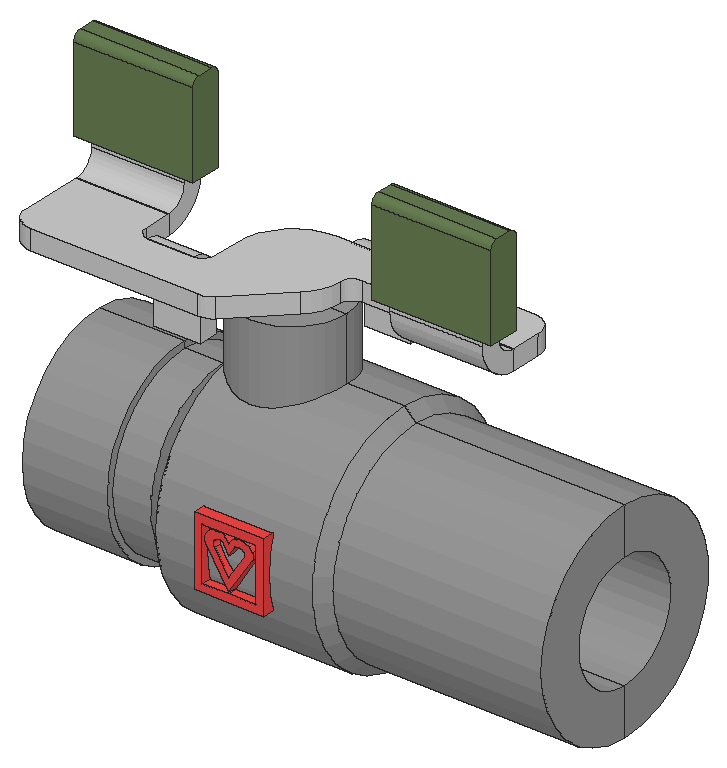
Revit family "HERZ Ball Valve With Butterfly Handle And Check Valve 2110", category Rohrzubehör, Revit 2018
Family settings
  Bemaßung runder Anschluss = Durchmesser verwenden
  Teiletyp = Unterbricht
  OmniClass-Nummer = 23.65.55.14
  OmniClass-Titel = Valves for Liquid Services
  Arbeitsebenenbasiert = Nein
  Immer vertikal = Ja
  Beim Laden mit Abzugskörper schneiden = Nein
  Gemeinsam genutzt = Nein
Parameters
  W01 = 45.00°  # constant formula
  URL = "www.herzvalves.com"
  Spindle seals = "EPDM"  # constant formula
  Spindle = "machined brass acc. to EB 12164, CW614N"  # constant formula
  SC_NennweiteBerechnet = 0
  SC_Dimension = ""
  SCTWSEQ = "FW;SBT_TYP_FW=\"102\";2"
  SCTWCODE = "04;04;02"  # constant formula
  S04 = 5.000 mm  # constant formula
  S03 [instance] = D04 - 2.000 mm  # 11.500 mm
  S02 [instance] = L01 + 4.500 mm  # 38.500 mm
  S01 [instance] = D04 * 2  # 27.000 mm
  R01 = 7.000 mm  # constant formula
  Part number [instance] = size_lookup("2110_0X_", "Artnr", 0, Nennweite)  # 2211001
  Note = "Pursuant to Article 33 of the REACH Regulation (EC No. 1907/2006), we are obliged to point out that the material lead is listed on the SVHC list and that all brass components manufactured in our products exceed 0.1% (w / w) lead (CAS: 7439-92-1 / EINECS: 231-100-4).\r\nSince lead is a component part of an alloy, actual exposure is not possible and therefore no additional information on safe use is necessary."
  Min. operating temperature (water) = 0.5 °C  # constant formula
  Min. operating temperature = -10 °C  # constant formula
  Medium = "potable water"  # constant formula
  Max. operating temperature = 85 °C  # constant formula
  Max. operating pressure = 2500000.0 Pa  # constant formula
  Check valve O-Ring = "silicon"  # constant formula
  Nennweite [instance] = 15.000 mm
  L05 [instance] = size_lookup("2110_0X_", "L5", 1.000 mm, Nennweite)  # 25.000 mm
  L04 [instance] = size_lookup("2110_0X_", "L4", 1.000 mm, Nennweite)  # 27.000 mm
  L03 = 5.000 mm  # constant formula
  L02 [instance] = size_lookup("2110_0X_", "L2", 1.000 mm, Nennweite)  # 11.000 mm
  L01 [instance] = size_lookup("2110_0X_", "L1", 1.000 mm, Nennweite)  # 34.000 mm
  IG [instance] = Nennweite / 2  # 7.500 mm
  Hersteller = "HERZ Armaturen Ges.m.b.H."  # constant formula
  Handle = "butterfly handle, green, steel sheet - Zn. plated"  # constant formula
  H01 [instance] = size_lookup("2110_0X_", "H1", 1.000 mm, Nennweite)  # 23.000 mm
  Thread = "acc. to ISO 228"  # constant formula
  Check valve body = "POM"  # constant formula
  GT [instance] = size_lookup("2110_0X_", "GT", 1.000 mm, Nennweite)  # 10.000 mm
  DN15-DN20 [instance] = if(Nennweite = 15.000 mm, 42.000 mm, 46.000 mm)  # 42.000 mm
  D04 [instance] = size_lookup("2110_0X_", "D4", 1.000 mm, Nennweite)  # 13.500 mm
  D03 [instance] = size_lookup("2110_0X_", "D3", 1.000 mm, Nennweite)  # 15.000 mm
  D02 [instance] = size_lookup("2110_0X_", "D2", 1.000 mm, Nennweite)  # 11.700 mm
  D01 [instance] = size_lookup("2110_0X_", "D1", 1.000 mm, Nennweite)  # 12.500 mm
  Body = "forged brass acc. to EN 12165, nickel plated, CW626N DZR"  # constant formula
  Ball seals = "PTFE"  # constant formula
  Ball = "forged brass acc. to EN 12165, full bore, hollow, hard chrome plated, CW626N DZR"  # constant formula
  Application = "HERZ ball valve with check valve is used as a shut-off valve.\r\nThe valve is used in system with potable water.\r\nBall valves are used when the flow of the medium has to be reilably closed.\r\nCheck valve has a function of a back-flow preventer."
Reference planes
  plane 1 "Mitte (Vorne/hinten)": y = 0
  plane 2: z = 0
  plane 3 "Mitte (Links/rechts)": x = 0
Forms (mm)
  Revolve 1, solid, material "Messing, weicher Gelbton, geschweißt", detail levels fine
    sketch origin (0, 0, 0) x (1, 0, 0) y (0, 0, 1)
      loop
        line (-24, 0) -> (24, 0) -> (24, 7.5) -> (34, 7.5) -> (34, 13.5) -> (7, 13.5) -> (5.5, 15) -> (-14.7, 15) -> (-18, 11.7) -> (-23, 11.7) -> (-23, 12.5) -> (-34, 12.5) -> (-34, 7.5) -> (-24, 7.5) -> (-24, 0)
      axis (-34, 0) -> (34, 0)
    angle from 0 to 360
  Revolve 2, solid, material "Messing, weicher Gelbton, geschweißt", detail levels fine
    sketch origin (0, 0, 0) x (1, 0, 0) y (0, 0, 1)
      loop
        line (-5.588, 0) -> (-5.588, 8) -> (-2, 8) -> (-2, 23) -> (-9, 23) -> (-9, 0) -> (-5.588, 0)
      axis (-9, 0) -> (-9, 23)
    angle from 0 to 360
Lines and regions (mm)
  model lines, detail levels coarse+medium
    curve 1: line (-34, 0, 13.5) -> (-34, 0, -13.5)
    curve 2: line (-34, 0, -13.5) -> (4.5, 0, 13.5)
    curve 3: line (4.5, 0, 13.5) -> (4.5, 0, -13.5)
    curve 4: line (4.5, 0, -13.5) -> (-34, 0, 13.5)
    curve 5: circle (-14.75, 0, 0) r 11.5 normal (0, -1, 0)
    curve 6: line (4.5, 0, 13.5) -> (34, 0, -13.5)
    curve 7: line (34, 0, -13.5) -> (34, 0, 13.5)
    curve 8: circle (4.5, 0, 13.5) r 5 normal (0, -1, 0)
    curve 9: line (-34, 13.5, 0) -> (-34, -13.5, 0)
    curve 10: line (-34, -13.5, 0) -> (4.5, 13.5, 0)
    curve 11: line (4.5, 13.5, 0) -> (4.5, -13.5, 0)
    curve 12: line (4.5, -13.5, 0) -> (-34, 13.5, 0)
    curve 13: line (4.5, 13.5, 0) -> (34, -13.5, 0)
    curve 14: line (34, -13.5, 0) -> (34, 13.5, 0)
    curve 15: circle (4.5, 13.5, 0) r 5 normal (0, 0, 1)
    curve 16: circle (-14.75, 0, 0) r 11.5 normal (0, 0, 1)
Dimensions and locks
  "L01": plane 3 "Mitte (Links/rechts)" to Revolve 1 sketch curve
  "L01": Revolve 1 sketch curve to plane 3 "Mitte (Links/rechts)"
  "L02": Revolve 1 sketch curve to Revolve 1 sketch curve
  "L03": Revolve 1 sketch curve to Revolve 1 sketch curve
  "D01": Revolve 1 sketch curve to plane 2
  "D02": Revolve 1 sketch curve to plane 2
  "D03": Revolve 1 sketch curve to plane 2
  "L04": Revolve 1 sketch curve to Revolve 1 sketch curve
  "D04": Revolve 1 sketch curve to plane 2
  "GT": Revolve 1 sketch curve to Revolve 1 sketch curve  (x2)
  "IG": Revolve 1 sketch curve to plane 2  (x2)
  "L05": Revolve 1 to Revolve 2 sketch curve  (x2)
  "H01": Revolve 2 sketch curve to plane 2
  "R01": Revolve 2 sketch curve to Revolve 2 sketch curve
  Revolve 2 sketch curve to plane 2 = 8.000 mm
  equal spacing: Revolve 1, nested 1, Revolve 1
  "D03": nested 1 to plane 1 "Mitte (Vorne/hinten)"
  equal spacing: curve 4, plane 2, curve 2
  "S01": curve 4 to curve 2
  "L01": plane 3 "Mitte (Links/rechts)" to curve 1
  equal spacing: curve 3, plane 2, curve 4
  "S01": curve 4 to curve 3
  "S02": curve 1 to curve 3
  equal spacing: curve 1, curve 5, curve 3
  "S02": curve 1 to curve 8
  "L01": curve 7 to plane 3 "Mitte (Links/rechts)"
  equal spacing: curve 7, plane 2, curve 7
  "S01": curve 7 to curve 7
  equal spacing: curve 10, plane 1 "Mitte (Vorne/hinten)", curve 12
  equal spacing: curve 12, plane 1 "Mitte (Vorne/hinten)", curve 13
  equal spacing: curve 14, plane 1 "Mitte (Vorne/hinten)", curve 14
  "L01": curve 9 to plane 3 "Mitte (Links/rechts)"
  "S02": curve 9 to curve 11
  "S02": curve 9 to curve 15
  "L01": plane 3 "Mitte (Links/rechts)" to curve 14
  "S01": curve 12 to curve 9
  "S01": curve 13 to curve 12
  "S01": curve 14 to curve 14
  equal spacing: curve 9, curve 16, curve 11
  "L05": Revolve 1 to nested 2
  "DN15-DN20": nested 2 to plane 2
  "S03": radius of curve 5
  "S04": radius of curve 8
  "S04": radius of curve 15
  "S03": radius of curve 16
  "W01": angle Revolve 1 sketch curve to Revolve 1 sketch curve  (x2)
  aligned and locked: level to plane 2
Automatic sketch dimensions
  curve 5 to level = 0.000 mm
  curve 8 to curve 2 = 0.000 mm
  plane 1 "Mitte (Vorne/hinten)" to curve 16 = 0.000 mm
  curve 15 to curve 10 = 0.000 mm
  Revolve 1 sketch curve to level = 0.000 mm  (x2)
  Revolve 1 sketch curve to Revolve 1 sketch curve = 1490.843 mm
  Revolve 1 sketch curve to Revolve 1 sketch curve = 1823.461 mm
  Revolve 2 sketch curve to level = 0.000 mm  (x2)
  Revolve 2 sketch curve to Revolve 2 sketch curve = 3.588 mm
  Revolve 2 sketch curve to Revolve 2 sketch curve = 0.000 mm
Nested families
  nested 1: "Herz-Logo-vorne" at (-4.6, -15, 0) x (0, 1, 0) z (0, 0, 1), type "Herz-Logo-vorne", detail levels fine
  nested 2: "Flügelgriff (Grün) DN15-DN20" at (-9, 0, 24), type "Flügelgriff (Grün) DN15-DN20"
Connectors
  piping at (-24, 0, 0), diameter 15, driven by "Nennweite"
    settings: on Revolve 1, index 1, connector inside diameter 609.6 mm, connector length 0.000 mm, flow factor 0, pipe flow 0.0 L/s, pressure drop 0.0 Pa, fitting loss kfactor 0, connector angle 0.00°, fixture units 0, engagement length 0.000 mm, angle of deflection 0.00°, flow configuration 0, flow direction 1, fitting loss method 0, system type 29, joint type 0, gender type 0, connector reference index -1, connector utility 0, adjustable connector no, is connector primary yes, connector description ""
  piping at (24, 0, 0), diameter 15, driven by "Nennweite"
    settings: on Revolve 1, index 2, connector inside diameter 609.6 mm, connector length 0.000 mm, flow factor 0, pipe flow 0.0 L/s, pressure drop 0.0 Pa, fitting loss kfactor 0, connector angle 0.00°, fixture units 0, engagement length 0.000 mm, angle of deflection 0.00°, flow configuration 0, flow direction 2, fitting loss method 0, system type 29, joint type 0, gender type 0, connector reference index -1, connector utility 0, adjustable connector no, is connector primary no, connector description ""
Definition of nested family "Herz-Logo-vorne"
  Reference planes
    plane 1 "Mitte (Vorne/hinten)": y = 0
    plane 2: z = 0
    plane 3 "Mitte (Links/rechts)": x = 0
  Forms (mm)
    Extrusion 1, solid
      sketch origin (0.732, -0.018, 0.017) x (0, -1, 0) y (0, 0, 1)
        loop
          line (-0.018, -4.517) -> (4.482, -4.517) -> (4.482, 4.483) -> (-4.518, 4.483) -> (-4.518, -4.517) -> (-0.018, -4.517)
        loop
          line (-0.05, -3.48) -> (3.482, -3.48) -> (3.482, 3.483) -> (-3.518, 3.483) -> (-3.518, -3.48) -> (-0.05, -3.48)
        loop
          arc (-0.018, 2.383) -> (-1.543, 3.287) -> (-3.067, 2.383) r 1.738
          arc (-3.067, 2.383) -> (-3.191, 1.899) -> (-3.067, 1.415) r 1.009
          line (-3.067, 1.415) -> (-0.018, -3.281) -> (3.032, 1.415)
          arc (3.032, 1.415) -> (3.156, 1.899) -> (3.032, 2.383) r 1.009
          arc (3.032, 2.383) -> (1.507, 3.287) -> (-0.018, 2.383) r 1.738
        loop
          arc (1.885, 1.272) -> (2.005, 1.675) -> (1.885, 2.079) r 0.74
          arc (1.885, 2.079) -> (1.265, 2.416) -> (0.644, 2.079) r 0.74
          line (0.644, 2.079) -> (-0.018, 0.97) -> (-0.679, 2.079)
          arc (-0.679, 2.079) -> (-1.3, 2.416) -> (-1.921, 2.079) r 0.74
          arc (-1.921, 2.079) -> (-2.04, 1.675) -> (-1.921, 1.272) r 0.74
          line (-1.921, 1.272) -> (-0.018, -1.658) -> (1.885, 1.272)
      from 0 to 1.5
  Dimensions and locks
    aligned and locked: level to plane 2
Definition of nested family "Flügelgriff (Grün) DN15-DN20"
  Reference planes
    plane 1 "Mitte (Vorne/hinten)": y = 0
    plane 2: z = 0
    plane 3 "Mitte (Links/rechts)": x = 0
  Forms (mm)
    Extrusion 1, solid, detail levels fine
      sketch origin (0, 0, 0) x (1, 0, 0) y (0, 1, 0)
        loop
          line (-7, 0) -> (-7, -3.8)
          arc (-7, -3.8) -> (-7.439, -4.861) -> (-8.5, -5.3) r 1.5
          line (-8.5, -5.3) -> (-14.5, -5.3)
          arc (-14.5, -5.3) -> (-15.561, -4.861) -> (-16, -3.8) r 1.5
          line (-16, -3.8) -> (-16, 0) -> (-28, 0) -> (-28, -8.1)
          arc (-28, -8.1) -> (-27.121, -10.221) -> (-25, -11.1) r 3
          line (-25, -11.1) -> (-3.453, -11.1)
          arc (-3.453, -11.1) -> (-2.496, -10.91) -> (-1.685, -10.368) r 2.5
          line (-1.685, -10.368) -> (4.443, -4.24)
          arc (4.443, -4.24) -> (5.743, -2.295) -> (6.2, 0) r 6
          arc (6.2, 0) -> (6.64, 1.06) -> (7.7, 1.499) r 1.5
          line (7.7, 1.499) -> (15.1, 1.499)
          arc (15.1, 1.499) -> (16.16, 1.06) -> (16.6, 0) r 1.5
          line (16.6, 0) -> (28.6, 0) -> (28.6, 4)
          arc (28.6, 4) -> (27.721, 6.121) -> (25.6, 7) r 3
          line (25.6, 7) -> (0, 7)
          arc (0, 7) -> (-4.95, 4.95) -> (-7, 0) r 7
      from 0 to 2.5
    Extrusion 2, solid, detail levels fine
      sketch origin (0, 0, 0) x (0, 1, 0) y (0, 0, 1)
        loop
          arc (2.5, 5) -> (1.768, 3.232) -> (0, 2.5) r 2.5
          line (0, 2.5) -> (0, 0)
          arc (0, 0) -> (3.536, 1.464) -> (5, 5) r 5
          line (5, 5) -> (5, 6) -> (2.5, 6) -> (2.5, 5)
      from -28 to -16
    Extrusion 3, solid, detail levels fine
      sketch origin (0, 5.3, 0) x (0, 1, 0) y (0, 0, 1)
        loop
          line (-7.8, 5) -> (-7.8, 6) -> (-10.3, 6) -> (-10.3, 5)
          arc (-10.3, 5) -> (-8.836, 1.464) -> (-5.3, 0) r 5
          line (-5.3, 0) -> (-5.3, 2.5)
          arc (-5.3, 2.5) -> (-7.068, 3.232) -> (-7.8, 5) r 2.5
      from 16.6 to 28.6
    Extrusion 4, solid, detail levels fine
      sketch origin (0, 0, 0) x (0, 1, 0) y (0, 0, 1)
        loop
          line (5.75, 6) -> (5.75, 17.041)
          arc (5.75, 17.041) -> (5.469, 17.719) -> (4.791, 18) r 0.959
          line (4.791, 18) -> (2.773, 18)
          arc (2.773, 18) -> (2.05, 17.7) -> (1.75, 16.977) r 1.023
          line (1.75, 16.977) -> (1.75, 6) -> (5.75, 6)
      from -29.7 to -14.3
    Extrusion 5, solid, detail levels fine
      sketch origin (0, 0, 0) x (0, 1, 0) y (0, 0, 1)
        loop
          line (-5.75, 6) -> (-1.75, 6) -> (-1.75, 17)
          arc (-1.75, 17) -> (-2.043, 17.707) -> (-2.75, 18) r 1
          line (-2.75, 18) -> (-4.75, 18)
          arc (-4.75, 18) -> (-5.457, 17.707) -> (-5.75, 17) r 1
          line (-5.75, 17) -> (-5.75, 6)
      from 30.3 to 14.9
    Extrusion 6, solid, detail levels fine
      sketch origin (0, 0, 0) x (0, 1, 0) y (0, 0, 1)
        loop
          line (9, -2) -> (9, -8) -> (11.5, -8) -> (11.5, -2)
          arc (11.5, -2) -> (10.182, 1.182) -> (7, 2.5) r 4.5
          line (7, 2.5) -> (7, 0)
          arc (7, 0) -> (8.414, -0.586) -> (9, -2) r 2
      from 8.1 to 2.1
    Extrusion 7, solid, detail levels fine
      sketch origin (0, 0, 0) x (0, 1, 0) y (0, 0, 1)
        loop
          line (-4.3, -1) -> (-4.3, -8) -> (-1.8, -8) -> (-1.8, -1)
          arc (-1.8, -1) -> (-2.825, 1.475) -> (-5.3, 2.5) r 3.5
          line (-5.3, 2.5) -> (-5.3, 0)
          arc (-5.3, 0) -> (-4.593, -0.293) -> (-4.3, -1) r 1
      from -14.5 to -8.5
  Dimensions and locks
    aligned and locked: level to plane 2
